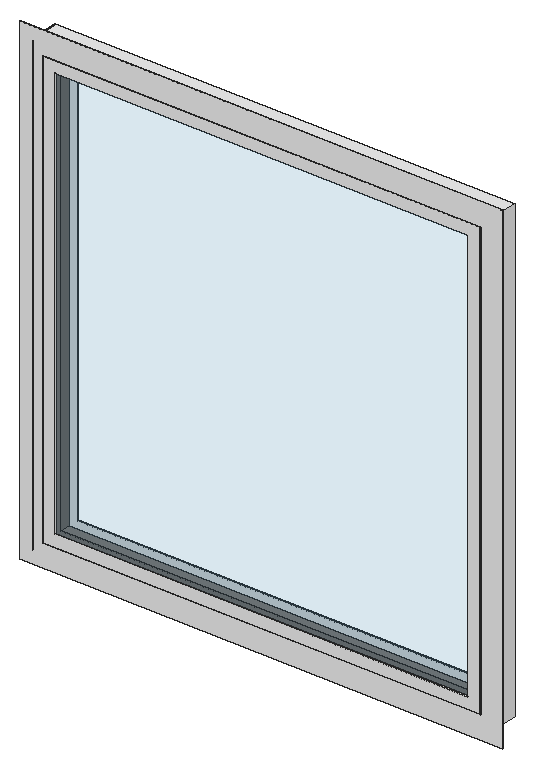
Revit family "Casement_36_I_Top_Hung_Custom", category Windows, host Wall, Revit 2014
Parameters (values of type "Casement_Sash_DG")
  Width Sash [instance] = 30 mm
  Width Sash Inner = 15 mm
  Width Bead = 15 mm
  Top Hung [instance] = yes
  Side Hung Right [instance] = yes
  Side Hung Left [instance] = yes
  Sash Opening Width [instance] = 600 mm
  Sash Opening Height [instance] = 600.312 mm
  Sash Lip = 15 mm
  Glazing Material [instance] = Glass
  DG Start Piece 2 [instance] = DG End Piece 1 + DG Gasket Thickness  # 25 mm
  DG Start Peice 1 [instance] = (Depth Sash - (2 * DG Glazing Thickness) - DG Gasket Thickness) / 2  # 6.6 mm
  Glazing Offset = 5 mm
  DG Glazing Thickness [instance] = 6.4 mm
  DG Gasket Thickness = 12 mm  # constant formula
  DG Gasket Material [instance] = Double Glazing Gasket Material
  DG End Piece 2 [instance] = DG Start Piece 2 + DG Glazing Thickness  # 31.4 mm
  DG End Piece 1 [instance] = DG Start Peice 1 + DG Glazing Thickness  # 13 mm
  Depth Sash [instance] = 38 mm
  Center Vertical Sash [instance] = Sash Opening Height / 2  # 300.156 mm
  Center Horizontal Sash [instance] = Sash Opening Width / 2  # 300 mm
  Bottom Hung [instance] = yes
  Bead Offset = 15 mm
  Aluminium Thickness = 1 mm
  Aluminium Material [instance] = White Powder Coated Aluminium
Reference planes
  plane 1 "Center (Front/Back)": y = 0
  plane 2: z = 0
  plane 3 "Center (Left/Right)": x = 0
Forms (mm)
  Sweep 1, solid, material "White Powder Coated Aluminium" <- "Aluminium Material"
    path origin (16.177, 0, 121.331) x (1, 0, 0) y (0, 0, 1)
      loop
        line (0, 0) -> (600, 0) -> (600, 600.312) -> (0, 600.312) -> (0, 0)
    profile origin (316.177, 0, 121.331) x (0, 0, 1) y (0, -1, 0)
      loop
        line (0, 0) -> (30, 0) -> (30, 1) -> (15, 1) -> (15, 38) -> (-15, 38) -> (-15, 37) -> (0, 37) -> (0, 0)
      loop
        line (14, 1) -> (14, 37) -> (1, 37) -> (1, 1) -> (14, 1)
  Sweep 2, solid, material "White Powder Coated Aluminium" <- "Aluminium Material"
    path origin (0, 0, 0) x (1, 0, 0) y (0, 0, 1)
      loop
        line (31.177, 706.643) -> (31.177, 136.331) -> (601.177, 136.331) -> (601.177, 706.643) -> (31.177, 706.643)
    profile origin (316.177, 0, 706.643) x (0, 0, 1) y (0, -1, 0)
      loop
        line (0, 37) -> (0, 38) -> (-15, 38) -> (-15, 37) -> (0, 37)
  Extrusion 3, solid, material "Glass" <- "Glazing Material"
    sketch origin (0, 0, 0) x (1, 0, 0) y (0, 0, 1)
      loop
        line (36.177, 701.643) -> (36.177, 141.331) -> (596.177, 141.331) -> (596.177, 701.643) -> (36.177, 701.643)
    from 6.6 <- "DG Start Peice 1" to 13 <- "DG End Piece 1"
  Extrusion 4, solid, material "Glass" <- "Glazing Material"
    sketch origin (0, 0, 0) x (1, 0, 0) y (0, 0, 1)
      loop
        line (36.177, 701.643) -> (36.177, 141.331) -> (596.177, 141.331) -> (596.177, 701.643) -> (36.177, 701.643)
    from 31.4 <- "DG End Piece 2" to 25 <- "DG Start Piece 2"
  Sweep 5, solid, material "Double Glazing Gasket Material" <- "DG Gasket Material"
    path origin (0, -13, 0) x (1, 0, 0) y (0, 0, 1)
      loop
        line (36.177, 701.643) -> (36.177, 141.331) -> (596.177, 141.331) -> (596.177, 701.643) -> (36.177, 701.643)
    profile origin (316.177, -13, 701.643) x (0, 0, 1) y (0, -1, 0)
      loop
        line (0, 0) -> (0, 12) -> (-7.96, 12) -> (-7.96, 0) -> (0, 0)
Lines and regions (mm)
  model lines
    curve 1: line (1.177, -38, 736.643) -> (31.177, -38, 706.643)
    curve 2: line (601.177, -38, 706.643) -> (631.177, -38, 736.643)
    curve 3: line (601.177, -38, 136.331) -> (631.177, -38, 106.331)
    curve 4: line (1.177, -38, 106.331) -> (31.177, -38, 136.331)
    curve 5: line (631.177, -37, 736.643) -> (616.177, -37, 721.643)
    curve 6: line (1.177, -37, 736.643) -> (16.177, -37, 721.643)
    curve 7: line (1.177, -37, 106.331) -> (16.177, -37, 121.331)
    curve 8: line (631.177, -37, 106.331) -> (616.177, -37, 121.331)
    curve 9: line (616.177, 0, 121.331) -> (586.177, 0, 151.331)
    curve 10: line (46.177, 0, 151.331) -> (16.177, 0, 121.331)
    curve 11: line (616.177, 0, 721.643) -> (586.177, 0, 691.643)
    curve 12: line (46.177, 0, 691.643) -> (16.177, 0, 721.643)
    curve 13: line (31.177, -38, 691.643) -> (46.177, -38, 691.643)
    curve 14: line (586.177, -38, 691.643) -> (601.177, -38, 691.643)
    curve 15: line (586.177, -38, 151.331) -> (601.177, -38, 151.331)
    curve 16: line (31.177, -38, 151.331) -> (46.177, -38, 151.331)
  model lines, style "GenericModelHiddenLines", visible <- "Top Hung"
    curve 17: line (46.386, -31.4, 690.914) -> (316.177, -31.4, 151.331)
    curve 18: line (316.177, -31.4, 151.331) -> (586.177, -31.4, 691.331)
  model lines, style "GenericModelHiddenLines", visible <- "Bottom Hung"
    curve 19: line (46.177, -31.4, 151.331) -> (316.177, -31.4, 691.331)
    curve 20: line (316.177, -31.4, 691.331) -> (586.177, -31.4, 151.331)
  model lines, style "GenericModelHiddenLines", visible <- "Side Hung Left"
    curve 21: line (46.386, -31.4, 690.914) -> (585.24, -31.4, 421.487)
    curve 22: line (585.24, -31.4, 421.487) -> (46.177, -31.4, 151.331)
  model lines, style "GenericModelHiddenLines", visible <- "Side Hung Right"
    curve 23: line (586.177, -31.4, 691.331) -> (46.177, -31.4, 421.487)
    curve 24: line (46.177, -31.4, 421.487) -> (586.177, -31.4, 151.331)
Dimensions and locks
  "Aluminium Thickness": Sweep 1 sketch curve to Sweep 1 sketch curve  (x4)
  "Depth Sash": Sweep 1 sketch curve to Sweep 1 sketch curve
  "Sash Opening Width": Sweep 1 to Sweep 1
  "Sash Opening Height": Sweep 1 to Sweep 1
  "Width Sash": Sweep 1 sketch curve to Sweep 1 sketch curve  (x2)
  "Width Sash Inner": Sweep 1 sketch curve to Sweep 1 sketch curve
  "Sash Lip": Sweep 1 sketch curve to Sweep 1 sketch curve
  "Aluminium Thickness": Sweep 1 to Sweep 2 sketch curve
  "Glazing Offset": Sweep 2 to Extrusion 3 sketch curve  (x3)
  "Glazing Offset": Extrusion 3 sketch curve to Sweep 2
  Sweep 1 to Sweep 1 = 1 mm
  "Aluminium Thickness": Sweep 2 sketch curve to Sweep 2 sketch curve
  "Width Bead": Sweep 2 sketch curve to Sweep 2 sketch curve
  locked: Sweep 5 sketch curve to Sweep 5 sketch curve at 7.96
  "Center Horizontal Sash": Sweep 1 to curve 18
  "Center Horizontal Sash": Sweep 1 to curve 20
  "Center Vertical Sash": Sweep 1 to curve 22
  "Center Vertical Sash": Sweep 1 to curve 24
  aligned and locked: level to plane 2
  aligned and locked: Sweep 1 sketch curve to Sweep 1 sketch curve  (x2)
  aligned and locked: Sweep 2 sketch curve to Sweep 1  (x5)
  aligned and locked: Extrusion 4 sketch curve to Extrusion 3  (x4)
  aligned and locked: Sweep 5 sketch curve to Extrusion 3  (x5)
  aligned and locked: Extrusion 3 to Sweep 5 sketch curve
Automatic sketch dimensions
  plane 3 "Center (Left/Right)" to Sweep 1 sketch curve = 16.177 mm
  level to Sweep 1 sketch curve = 121.331 mm
  plane 3 "Center (Left/Right)" to Sweep 1 sketch curve = 616.177 mm
  level to Sweep 1 sketch curve = 721.643 mm
  profile plane to Sweep 5 sketch curve = 12 mm
  curve 7 to Sweep 1 = 0 mm  (x4)
  curve 6 to Sweep 1 = 0 mm  (x3)
  Sweep 1 to curve 6 = 0 mm
  curve 5 to Sweep 1 = 0 mm  (x3)
  curve 8 to Sweep 1 = 0 mm  (x4)
  Sweep 1 to curve 5 = 0 mm
  curve 16 to Sweep 2 = 0 mm  (x3)
  curve 13 to Sweep 2 = 0 mm  (x3)
  curve 15 to Sweep 2 = 0 mm
  Sweep 2 to curve 15 = 0 mm  (x2)
  curve 14 to Sweep 2 = 0 mm  (x2)
  Sweep 2 to curve 14 = 0 mm
  curve 1 to Sweep 1 = 0 mm  (x4)
  curve 4 to Sweep 1 = 0 mm  (x3)
  Sweep 1 to curve 4 = 0 mm
  curve 3 to Sweep 1 = 0 mm  (x3)
  curve 2 to Sweep 1 = 0 mm  (x4)
  Sweep 1 to curve 3 = 0 mm
  curve 10 to Sweep 1 = 0 mm  (x4)
  curve 12 to Sweep 1 = 0 mm  (x3)
  Sweep 1 to curve 12 = 0 mm
  curve 9 to Sweep 1 = 0 mm  (x4)
  curve 11 to Sweep 1 = 0 mm  (x3)
  Sweep 1 to curve 11 = 0 mm
  Sweep 1 sketch curve to plane 1 "Center (Front/Back)" = 0 mm
  profile plane to Sweep 1 sketch curve = 0 mm
  curve 21 to Extrusion 4 = 10.208 mm
  curve 19 to Extrusion 4 = 10 mm
  curve 23 to Extrusion 4 = 10 mm  (x2)
  curve 22 to Extrusion 4 = 10.937 mm
  curve 20 to Extrusion 4 = 10 mm
  curve 24 to Extrusion 4 = 10 mm
  curve 22 to Extrusion 4 = 10 mm
  curve 18 to Extrusion 4 = 10 mm
  curve 21 to Extrusion 4 = 10.729 mm
  curve 19 to Extrusion 4 = 10.312 mm
  curve 18 to Extrusion 4 = 10.312 mm
